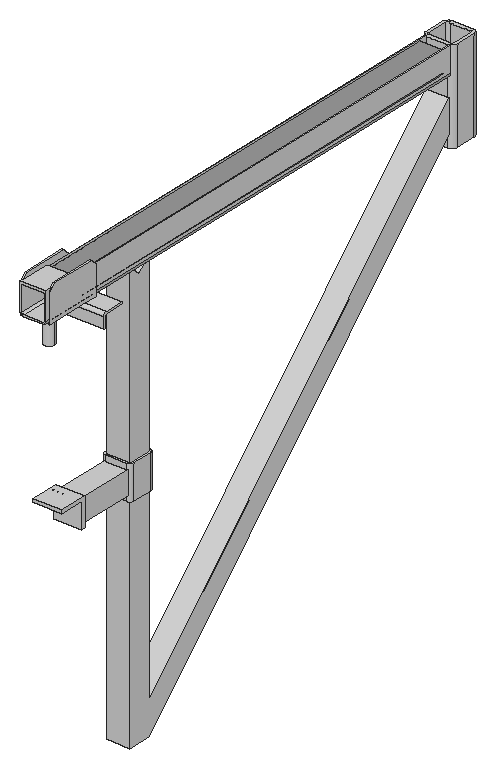
Revit family "ML_MEGALITE WALKWAY BRACKET_1920041", category Generic Models, Revit 2018
Family settings
  Can host rebar = No
  Round Connector Dimension = Use Diameter
  Part Type = Normal
  OmniClass Number = 35.51.14.00
  OmniClass Title = FORMWORK
  Work Plane-Based = Yes
  Always vertical = No
  Cut with Voids When Loaded = No
  Shared = Yes
  Room Calculation Point = No
Parameters
  WALKWAY POSITION [instance] = if(ANGLE = 0.00°, 30.000 mm, 25.500 mm)  # 30.000 mm
  VERTICAL RIB - RIGHT SIDE [instance] = no
  VERSION = "20170217"  # constant formula
  URL = "www.ulmaconstruction.com/en"
  UNICLASS = ""
  Manufacturer = "ULMA CONSTRUCTION"  # constant formula
  VERTICAL RIB - LEFT SIDE [instance] = no
  ITEM_CODE = "1920041"
  FILTER [instance] = ""
  Default Elevation = 0.000 mm
  CLASSIFICATION_TITLE = ""
  CLASSIFICATION_NUMBER = ""
  BRACE POSITION [instance] = 304.800 mm
  ANGLE [instance] = if([VERTICAL RIB - RIGHT SIDE], 90.00°, if([VERTICAL RIB - LEFT SIDE], 270.00°, 0.00°))  # 0.00°
Reference planes
  plane 1 "Centro (Frontal/Posterior)": y = 0
  plane 2: z = 0
  plane 3 "Centro (Izquierda/Derecha)": x = 0
  plane 4 "HANDRAIL POST": y = 869.5
  plane 5 "ORIGIN": z = 30
Lines and regions (mm)
  reference lines
    curve 1: line (0, 0, 30) -> (0, 0, -770)
Dimensions and locks
  locked: plane 1 "Centro (Frontal/Posterior)" to plane 4 "HANDRAIL POST" at 869.5
  "WALKWAY POSITION": plane 5 "ORIGIN" to plane 2
  "ANGLE": angle plane 3 "Centro (Izquierda/Derecha)" to curve 1
  aligned and locked: plane 2 to level
  aligned and locked: plane 3 "Centro (Izquierda/Derecha)" to curve 1
  aligned and locked: plane 5 "ORIGIN" to curve 1
Nested families
  nested 1: "MENSULA MEGALITE - 1920041_WORKING PLAFORMS" at (0, 0, 0), FILTER <- "FILTER", BRACE POSITION <- "BRACE POSITION", type "MENSULA MEGALITE - 1920041_WORKING PLAFORMS"
    with REAL BRACE POSITION 304.800 mm, FILTER "", BRACE POSITION 304.800 mm
Definition of nested family "MENSULA MEGALITE - 1920041_WORKING PLAFORMS"
  Parameters (values of type "MENSULA MEGALITE - 1920041_WORKING PLAFORMS")
    VERSION = "20170217"  # constant formula
    URL = "www.ulmaconstruction.com/en"
    UNICLASS = ""
    REAL BRACE POSITION [instance] = if(BRACE POSITION < 90.000 mm, 90.000 mm, if(BRACE POSITION < 628.000 mm, BRACE POSITION, 628.000 mm))  # 304.800 mm
    Manufacturer = "ULMA CONSTRUCTION"  # constant formula
    FILTER [instance] = ""
    Default Elevation = 0.000 mm
    CLASSIFICATION_TITLE = ""
    CLASSIFICATION_NUMBER = ""
    BRACE POSITION [instance] = 304.800 mm
  Reference planes
    plane 1 "Centro (Frontal/Posterior)": y = 0
    plane 2: z = 0
    plane 3 "Centro (Izquierda/Derecha)": x = 0
    plane 4 "BRACE": z = -304.8
    plane 5 "BRACE POSITION": z = -304.8
  Forms (mm)
    Extrusion 1, solid, detail levels fine
      sketch origin (0, 0, 0) x (1, 0, 0) y (0, 1, 0)
        loop
          circle (0, 0) r 9
      from -50 to 0
    Extrusion 2, solid, detail levels fine
      sketch origin (0, 0, 0) x (0, 1, 0) y (0, 0, 1)
        loop
          line (190, -740) -> (190, 0) -> (186, 0) -> (181.918, 0) -> (170, -10) -> (158.082, 0) -> (154, 0) -> (150, 0) -> (150, -740) -> (190, -740)
      from -20 to 20
    Extrusion 3, solid, detail levels fine
      sketch origin (0, 0, 0) x (0, 1, 0) y (0, 0, 1)
        loop
          line (841.952, -31.479) -> (190, -683.431) -> (190, -740) -> (841.952, -88.048) -> (841.952, -31.479)
      from -20 to 20
    Extrusion 4, solid, detail levels fine
      sketch origin (0, 0, 0) x (1, 0, 0) y (0, 1, 0)
        loop
          arc (-17.5, 897) -> (-24.571, 894.071) -> (-27.5, 887) r 10
          line (-27.5, 887) -> (-27.5, 852)
          arc (-27.5, 852) -> (-24.571, 844.929) -> (-17.5, 842) r 10
          line (-17.5, 842) -> (17.5, 842)
          arc (17.5, 842) -> (24.571, 844.929) -> (27.5, 852) r 10
          line (27.5, 852) -> (27.5, 887)
          arc (27.5, 887) -> (24.571, 894.071) -> (17.5, 897) r 10
          line (17.5, 897) -> (-17.5, 897)
        loop
          arc (-17.5, 892) -> (-21.036, 890.536) -> (-22.5, 887) r 5
          line (-22.5, 887) -> (-22.5, 852)
          arc (-22.5, 852) -> (-21.036, 848.464) -> (-17.5, 847) r 5
          line (-17.5, 847) -> (17.5, 847)
          arc (17.5, 847) -> (21.036, 848.464) -> (22.5, 852) r 5
          line (22.5, 852) -> (22.5, 887)
          arc (22.5, 887) -> (21.036, 890.536) -> (17.5, 892) r 5
          line (17.5, 892) -> (-17.5, 892)
      from -110 to 50
    Extrusion 5, solid, detail levels fine
      sketch origin (0, 0, 0) x (1, 0, 0) y (0, 0, 1)
        loop
          arc (-22.5, 6) -> (-20.743, 1.757) -> (-16.5, 0) r 6
          line (-16.5, 0) -> (16.5, 0)
          arc (16.5, 0) -> (20.743, 1.757) -> (22.5, 6) r 6
          line (22.5, 6) -> (22.5, 50) -> (20.5, 50) -> (20.5, 6)
          arc (20.5, 6) -> (19.328, 3.172) -> (16.5, 2) r 4
          line (16.5, 2) -> (-16.5, 2)
          arc (-16.5, 2) -> (-19.328, 3.172) -> (-20.5, 6) r 4
          line (-20.5, 6) -> (-20.5, 50) -> (-22.5, 50) -> (-22.5, 6)
      from -842 to 35
    Extrusion 6, solid, detail levels fine
      sketch origin (0, 0, 0) x (0, 1, 0) y (0, 0, 1)
        loop
          line (-30, 0) -> (70, 0) -> (70, 50) -> (60, 60) -> (-20, 60) -> (-30, 50) -> (-30, 0)
      from -25.5 to -22.5
    Extrusion 7, solid, detail levels fine
      sketch origin (0, 0, 0) x (0, 1, 0) y (0, 0, 1)
        loop
          line (-30, 0) -> (70, 0) -> (70, 50) -> (60, 60) -> (-20, 60) -> (-30, 50) -> (-30, 0)
      from 22.5 to 25.5
    Extrusion 8, solid, detail levels fine
      sketch origin (0, 0, 0) x (1, 0, 0) y (0, 0, 1)
        loop
          line (-22.5, 53) -> (-22.5, 50) -> (22.5, 50) -> (22.5, 53) -> (-22.5, 53)
      from -23 to 35
    Extrusion 9, solid, detail levels fine
      sketch origin (0, 0, 0) x (1, 0, 0) y (0, 0, 1)
        loop
          arc (10.836, 2) -> (11.218, 2.076) -> (11.543, 2.293) r 1
          line (11.543, 2.293) -> (19.957, 10.707)
          arc (19.957, 10.707) -> (20.174, 11.032) -> (20.25, 11.414) r 1
          line (20.25, 11.414) -> (20.25, 47.5)
          arc (20.25, 47.5) -> (19.957, 48.207) -> (19.25, 48.5) r 1
          line (19.25, 48.5) -> (-19.25, 48.5)
          arc (-19.25, 48.5) -> (-19.957, 48.207) -> (-20.25, 47.5) r 1
          line (-20.25, 47.5) -> (-20.25, 11.414)
          arc (-20.25, 11.414) -> (-20.174, 11.032) -> (-19.957, 10.707) r 1
          line (-19.957, 10.707) -> (-11.543, 2.293)
          arc (-11.543, 2.293) -> (-11.218, 2.076) -> (-10.836, 2) r 1
          line (-10.836, 2) -> (10.836, 2)
      from -828 to -23
    Extrusion 10, solid, detail levels fine
      sketch origin (0, 0, 0) x (0, 1, 0) y (0, 0, 1)
        loop
          line (-5, -299.8) -> (-5, -304.8) -> (37, -304.8)
          arc (37, -304.8) -> (39.121, -305.679) -> (40, -307.8) r 3
          line (40, -307.8) -> (40, -349.8) -> (45, -349.8) -> (45, -299.8) -> (-5, -299.8)
      from -25 to 25
    Extrusion 11, solid, detail levels fine
      sketch origin (0, 0, 0) x (0, 1, 0) y (0, 0, 1)
        loop
          line (45, -304.8) -> (45, -344.8) -> (145, -344.8) -> (145, -304.8) -> (45, -304.8)
      from -20 to 20
    Extrusion 12, solid, detail levels fine
      sketch origin (0, 0, 0) x (1, 0, 0) y (0, 1, 0)
        loop
          arc (-25, 152) -> (-22.95, 147.05) -> (-18, 145) r 7
          line (-18, 145) -> (18, 145)
          arc (18, 145) -> (22.95, 147.05) -> (25, 152) r 7
          line (25, 152) -> (25, 188)
          arc (25, 188) -> (22.95, 192.95) -> (18, 195) r 7
          line (18, 195) -> (-18, 195)
          arc (-18, 195) -> (-22.95, 192.95) -> (-25, 188) r 7
          line (-25, 188) -> (-25, 152)
      from -354.3 to -295.3
    Extrusion 13, solid, detail levels fine
      sketch origin (0, 0, 0) x (0, 1, 0) y (0, 0, 1)
        loop
          line (40, -25) -> (43, -25) -> (43, -6)
          arc (43, -6) -> (43.879, -3.879) -> (46, -3) r 3
          line (46, -3) -> (80, -3) -> (80, 0) -> (46, 0)
          arc (46, 0) -> (41.757, -1.757) -> (40, -6) r 6
          line (40, -6) -> (40, -25)
      from -62.5 to 62.5
  Cuts and joins
    joined: Extrusion 1, Extrusion 2, Extrusion 3, Extrusion 5, Extrusion 6, Extrusion 8
    joined: Extrusion 10, Extrusion 11
    joined: Extrusion 7, Extrusion 13
  Lines and regions (mm)
    model lines, detail levels fine
      curve 1: circle (27.5, 869.5, -30) r 9 normal (1, 0, 0)
      curve 2: circle (-27.5, 869.5, -30) r 9 normal (1, 0, 0)
      curve 3: circle (25.5, 0, 30) r 9.25 normal (1, 0, 0)
      curve 4: circle (-25.5, 0, 30) r 9.25 normal (1, 0, 0)
    model lines, detail levels medium
      curve 5: line (0, 170, 25) -> (0, 170, -731.716)
      curve 6: line (0, 170, -731.716) -> (0, 869.5, -32.216)
      curve 7: line (0, 40, -324.8) -> (0, 170, -324.8)
      curve 8: line (0, 869.5, 25) -> (0, 869.5, -32.216)
      curve 9: line (0, 0, 25) -> (0, 869.5, 25)
  Dimensions and locks
    "REAL BRACE POSITION": plane 2 to plane 4 "BRACE"
    locked: plane 4 "BRACE" to Extrusion 10 sketch curve at 5
    locked: Extrusion 10 sketch curve to plane 4 "BRACE" at 45
    locked: Extrusion 11 sketch curve to Extrusion 11 sketch curve at 40
    locked: plane 4 "BRACE" to Extrusion 12 at 9.5
    locked: Extrusion 12 to plane 4 "BRACE" at 49.5
    locked: cut or joined group of Extrusion 1, Extrusion 2, Extrusion 3, Extrusion 5, Extrusion 6, Extrusion 8 to plane 2 at 740
    locked: Extrusion 3 sketch curve to Extrusion 3 sketch curve at 922
    "BRACE POSITION": plane 2 to plane 5 "BRACE POSITION"
    locked: curve 7 to plane 5 "BRACE POSITION" at 20
    locked: plane 2 to curve 6 at 731.716
    locked: Extrusion 3 sketch curve to Extrusion 3 sketch curve (angle 45.00°)
    aligned and locked: plane 2 to level
    aligned and locked: plane 4 "BRACE" to Extrusion 10
    aligned and locked: plane 4 "BRACE" to Extrusion 11 sketch curve
  Automatic sketch dimensions
    plane 1 "Centro (Frontal/Posterior)" to Extrusion 1 sketch curve = 0.000 mm
    Extrusion 1 sketch curve to plane 3 "Centro (Izquierda/Derecha)" = 0.000 mm
    Extrusion 2 sketch curve to level = 0.000 mm  (x2)
    Extrusion 2 sketch curve to plane 1 "Centro (Frontal/Posterior)" = 150.000 mm
    Extrusion 2 sketch curve to Extrusion 2 sketch curve = 4.000 mm  (x2)
    Extrusion 2 sketch curve to Extrusion 2 sketch curve = 4.082 mm  (x2)
    Extrusion 2 sketch curve to level = 10.000 mm
    Extrusion 2 sketch curve to Extrusion 2 sketch curve = 11.918 mm  (x2)
    plane 4 "BRACE" to Extrusion 2 sketch curve = 435.200 mm
    Extrusion 4 sketch curve to Extrusion 4 sketch curve = 0.000 mm  (x8)
    Extrusion 4 sketch curve to plane 3 "Centro (Izquierda/Derecha)" = 27.500 mm
    Extrusion 4 sketch curve to Extrusion 4 sketch curve = 5.000 mm  (x4)
    plane 3 "Centro (Izquierda/Derecha)" to Extrusion 4 sketch curve = 17.500 mm  (x2)
    Extrusion 4 sketch curve to plane 1 "Centro (Frontal/Posterior)" = 842.000 mm
    Extrusion 4 sketch curve to Extrusion 4 sketch curve = 35.000 mm
    Extrusion 4 to curve 1 = 17.500 mm
    Extrusion 4 to curve 1 = 80.000 mm
    curve 2 to Extrusion 4 = 17.500 mm
    Extrusion 4 to curve 2 = 80.000 mm
    Extrusion 5 sketch curve to Extrusion 5 sketch curve = 0.000 mm  (x5)
    Extrusion 5 sketch curve to level = 0.000 mm
    Extrusion 5 sketch curve to plane 3 "Centro (Izquierda/Derecha)" = 22.500 mm
    Extrusion 5 sketch curve to Extrusion 5 sketch curve = 2.000 mm
    Extrusion 5 sketch curve to Extrusion 5 sketch curve = 4.000 mm
    level to Extrusion 5 sketch curve = 6.000 mm
    plane 3 "Centro (Izquierda/Derecha)" to Extrusion 5 sketch curve = 16.500 mm
    Extrusion 5 sketch curve to Extrusion 5 sketch curve = 44.000 mm
    Extrusion 6 sketch curve to level = 0.000 mm
    plane 1 "Centro (Frontal/Posterior)" to Extrusion 6 sketch curve = 30.000 mm
    Extrusion 6 sketch curve to Extrusion 6 sketch curve = 10.000 mm  (x3)
    Extrusion 6 sketch curve to plane 1 "Centro (Frontal/Posterior)" = 60.000 mm
    level to Extrusion 6 sketch curve = 50.000 mm  (x2)
    Extrusion 7 sketch curve to level = 0.000 mm
    plane 1 "Centro (Frontal/Posterior)" to Extrusion 7 sketch curve = 30.000 mm
    Extrusion 7 sketch curve to Extrusion 7 sketch curve = 10.000 mm  (x3)
    Extrusion 7 sketch curve to plane 1 "Centro (Frontal/Posterior)" = 60.000 mm
    level to Extrusion 7 sketch curve = 50.000 mm  (x2)
    curve 3 to Extrusion 7 = 30.000 mm  (x2)
    Extrusion 6 to curve 4 = 30.000 mm  (x2)
    Extrusion 8 sketch curve to plane 3 "Centro (Izquierda/Derecha)" = 22.500 mm
    plane 3 "Centro (Izquierda/Derecha)" to Extrusion 8 sketch curve = 22.500 mm
    level to Extrusion 8 sketch curve = 50.000 mm
    Extrusion 8 sketch curve to Extrusion 8 sketch curve = 3.000 mm
    level to Extrusion 9 sketch curve = 11.414 mm
    Extrusion 9 sketch curve to plane 3 "Centro (Izquierda/Derecha)" = 20.250 mm
    level to Extrusion 9 sketch curve = 10.707 mm  (x2)
    Extrusion 9 sketch curve to Extrusion 9 sketch curve = 0.293 mm
    Extrusion 9 sketch curve to Extrusion 9 sketch curve = 1.000 mm  (x2)
    level to Extrusion 9 sketch curve = 2.293 mm  (x2)
    Extrusion 9 sketch curve to plane 3 "Centro (Izquierda/Derecha)" = 11.543 mm
    Extrusion 9 sketch curve to Extrusion 9 sketch curve = 0.707 mm  (x3)
    level to Extrusion 9 sketch curve = 3.000 mm
    plane 3 "Centro (Izquierda/Derecha)" to Extrusion 9 sketch curve = 10.836 mm
    plane 3 "Centro (Izquierda/Derecha)" to Extrusion 9 sketch curve = 19.250 mm
    Extrusion 9 sketch curve to Extrusion 9 sketch curve = 8.414 mm
    Extrusion 9 sketch curve to Extrusion 9 sketch curve = 36.086 mm
    plane 4 "BRACE" to Extrusion 10 sketch curve = 0.000 mm
    plane 1 "Centro (Frontal/Posterior)" to Extrusion 10 sketch curve = 5.000 mm
    Extrusion 10 sketch curve to plane 1 "Centro (Frontal/Posterior)" = 37.000 mm
    Extrusion 10 sketch curve to plane 1 "Centro (Frontal/Posterior)" = 40.000 mm
    Extrusion 10 sketch curve to Extrusion 10 sketch curve = 5.000 mm
    Extrusion 11 sketch curve to plane 1 "Centro (Frontal/Posterior)" = 45.000 mm
    Extrusion 11 sketch curve to Extrusion 11 sketch curve = 100.000 mm
    Extrusion 12 sketch curve to plane 3 "Centro (Izquierda/Derecha)" = 25.000 mm
    Extrusion 12 sketch curve to Extrusion 12 sketch curve = 7.000 mm  (x3)
    plane 3 "Centro (Izquierda/Derecha)" to Extrusion 12 sketch curve = 18.000 mm  (x2)
    Extrusion 12 sketch curve to plane 1 "Centro (Frontal/Posterior)" = 145.000 mm
    Extrusion 12 sketch curve to Extrusion 12 sketch curve = 36.000 mm
    Extrusion 13 sketch curve to Extrusion 13 sketch curve = 0.000 mm  (x2)
    Extrusion 13 sketch curve to level = 0.000 mm
    Extrusion 13 sketch curve to plane 1 "Centro (Frontal/Posterior)" = 40.000 mm
    Extrusion 13 sketch curve to Extrusion 13 sketch curve = 3.000 mm  (x2)
    Extrusion 13 sketch curve to Extrusion 13 sketch curve = 34.000 mm
    Extrusion 13 sketch curve to Extrusion 13 sketch curve = 19.000 mm
    Extrusion 3 sketch curve to level = 88.048 mm
    Extrusion 3 sketch curve to plane 1 "Centro (Frontal/Posterior)" = 841.952 mm
    Extrusion 3 sketch curve to level = 31.479 mm
    Extrusion 3 sketch curve to plane 1 "Centro (Frontal/Posterior)" = 190.000 mm
    curve 9 to plane 1 "Centro (Frontal/Posterior)" = 0.000 mm
    level to curve 9 = 25.000 mm
    curve 8 to level = 32.216 mm
    curve 7 to plane 1 "Centro (Frontal/Posterior)" = 40.000 mm
    curve 7 to curve 7 = 130.000 mm
    curve 6 to curve 6 = 699.500 mm
    radius of Extrusion 1 sketch curve = 9.000 mm
    radius of curve 1 = 9.000 mm
    radius of curve 2 = 9.000 mm
    radius of curve 3 = 9.250 mm
    radius of curve 4 = 9.250 mm
